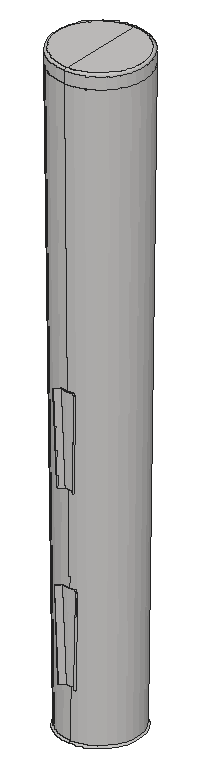
Revit family "QF_Vollrath_SLC-2", category Specialty Equipment, Revit 2016
Family settings
  Part Type = Normal
  Round Connector Dimension = Use Diameter
  OmniClass Number = 23.40.40.00
  OmniClass Title = Food Service Equipment and Furnishings
  Work Plane-Based = Yes
  Always vertical = Yes
  Cut with Voids When Loaded = No
  Shared = No
  Room Calculation Point = No
Parameters
  Width = 3 3/4"
  Weight in Pounds = 0
  Watermarked By = ""
  URL Cutsheet = ""
  Specification by User [instance] = ""
  Specification by Manufacturer [instance] = ""
  Serial Number [instance] = ""
  Revision Code [instance] = ""
  NAFEM Spec ID Number [instance] = ""
  Model = "SLC-2"
  Masterspec [instance] = ""
  Manufacturer = "Vollrath"
  Item Number [instance] = "-"
  Installed By [instance] = ""
  Height = 25 3/4"
  Furnished By [instance] = ""
  Foodservice Equipment Identifier = yes
  Description = "Cup Dispenser"
  Depth = 3 3/4"
  Default Elevation = 48"
  CSI MasterFormat = ""
Reference planes (in)
  plane 1 "BACK": y = 0
  plane 2 "BOTTOM": z = 0
  plane 3 "LEFT": x = -16.56573
  plane 4 "RIGHT": x = -12.81573
  plane 5 "FRONT": y = -3.75
  plane 6 "TOP": z = 25.75
  plane 7: z = 25.16
  plane 8 "CNTR LR": x = -14.69073
  plane 9 "CNTR FB": y = -1.875
  plane 10 "Bottom Screw 1": z = 2.19
  plane 11 "Bottom of Screw 2": z = 5.94
  plane 12 "Top Screw 1": z = 9.69
  plane 13 "Top Screw 2": z = 12.875
Forms (in)
  Revolve 1, solid, material "QF_Stainless-Polished"
    sketch origin (-14.69073, 0, 0) x (0, 1, 0) y (0, 0, 1)
      loop
        line (-0.1, 25.75) -> (-1.875, 25.75) -> (-1.875, 25.16) -> (0, 25.16) -> (0, 25.65)
        arc (0, 25.65) -> (-0.02929, 25.72071) -> (-0.1, 25.75) r 0.1
      axis (-1.875, 25.16) -> (-1.875, 25.75)
    angle from 0 to 360
  Blend 2, solid, material "QF_Stainless-Polished"
    base sketch origin (0, 0, 9.69) x (0, 1, 0) y (-1, 0, 0)
      loop
        arc (-3.57724, 14.85245) -> (-3.58511, 14.69073) -> (-3.57724, 14.529) r 1.66662
        line (-3.57724, 14.529) -> (-3.74289, 14.36334)
        arc (-3.74289, 14.36334) -> (-3.73907, 14.34268) -> (-3.735, 14.32206) r 1.85355
        line (-3.735, 14.32206) -> (-3.54523, 14.51858)
        arc (-3.54523, 14.51858) -> (-3.55431, 14.69073) -> (-3.54523, 14.86287) r 1.63583
        line (-3.54523, 14.86287) -> (-3.735, 15.05939)
        arc (-3.735, 15.05939) -> (-3.73907, 15.03877) -> (-3.74289, 15.01811) r 1.85355
        line (-3.74289, 15.01811) -> (-3.57724, 14.85245)
    top sketch origin (0, 0, 9.69) x (0, 1, 0) y (-1, 0, 0)
      loop
        line (-3.80371, 15.1165) -> (-3.64546, 14.95825)
        arc (-3.64546, 14.95825) -> (-3.66727, 14.69073) -> (-3.64546, 14.4232) r 1.65169
        line (-3.64546, 14.4232) -> (-3.80371, 14.26495)
        arc (-3.80371, 14.26495) -> (-3.79892, 14.2453) -> (-3.7939, 14.22569) r 1.83812
        line (-3.7939, 14.22569) -> (-3.61239, 14.41384)
        arc (-3.61239, 14.41384) -> (-3.63622, 14.69073) -> (-3.61239, 14.96761) r 1.62063
        line (-3.61239, 14.96761) -> (-3.7939, 15.15576)
        arc (-3.7939, 15.15576) -> (-3.79892, 15.13615) -> (-3.80371, 15.1165) r 1.83812
    from 0 to 3.75
  Revolve 3, solid, material "QF_Stainless-Polished"
    sketch origin (-14.69073, 0, 0) x (0, 1, 0) y (0, 0, 1)
      loop
        line (-0.31735, 0) -> (-0.23249, 0)
        arc (-0.23249, 0) -> (-0.28229, 0.0208) -> (-0.30249, 0.07084) r 0.07
        line (-0.30249, 0.07084) -> (0, 25.16) -> (-0.04, 25.16) -> (-0.3425, 0.07027)
        arc (-0.3425, 0.07027) -> (-0.33607, 0.03294) -> (-0.31735, 0) r 0.11
      axis (-1.875, 0) -> (-1.875, 25.16)
    angle from 0 to 360
  Blend 4, solid, material "QF_Stainless-Polished"
    base sketch origin (0, 0.07267, 2.19) x (0, 1, 0) y (-1, 0, 0)
      loop
        arc (-3.57724, 14.85245) -> (-3.58511, 14.69073) -> (-3.57724, 14.529) r 1.66662
        line (-3.57724, 14.529) -> (-3.74289, 14.36334)
        arc (-3.74289, 14.36334) -> (-3.73907, 14.34268) -> (-3.735, 14.32206) r 1.85355
        line (-3.735, 14.32206) -> (-3.54523, 14.51858)
        arc (-3.54523, 14.51858) -> (-3.55431, 14.69073) -> (-3.54523, 14.86287) r 1.63583
        line (-3.54523, 14.86287) -> (-3.735, 15.05939)
        arc (-3.735, 15.05939) -> (-3.73907, 15.03877) -> (-3.74289, 15.01811) r 1.85355
        line (-3.74289, 15.01811) -> (-3.57724, 14.85245)
    top sketch origin (0, 0.07267, 2.19) x (0, 1, 0) y (-1, 0, 0)
      loop
        line (-3.80371, 15.1165) -> (-3.64546, 14.95825)
        arc (-3.64546, 14.95825) -> (-3.66727, 14.69073) -> (-3.64546, 14.4232) r 1.65169
        line (-3.64546, 14.4232) -> (-3.80371, 14.26495)
        arc (-3.80371, 14.26495) -> (-3.79892, 14.2453) -> (-3.7939, 14.22569) r 1.83812
        line (-3.7939, 14.22569) -> (-3.61239, 14.41384)
        arc (-3.61239, 14.41384) -> (-3.63622, 14.69073) -> (-3.61239, 14.96761) r 1.62063
        line (-3.61239, 14.96761) -> (-3.7939, 15.15576)
        arc (-3.7939, 15.15576) -> (-3.79892, 15.13615) -> (-3.80371, 15.1165) r 1.83812
    from 0 to 3.75
Lines and regions (in)
  symbolic lines
    curve 1: circle (-14.69073, -1.875, 9.69) r 1.875 normal (0, 0, 1)
  symbolic lines, style "QF_Details_Surface"
    curve 2: line (-14.96761, -3.61239, 9.69) -> (-15.13967, -3.7939, 9.69)
    curve 3: arc (-14.41384, -3.61239, 9.69) -> (-14.69073, -3.63622, 9.69) -> (-14.96761, -3.61239, 9.69) r 1.62063
    curve 4: line (-14.23233, -3.7939, 9.69) -> (-14.41384, -3.61239, 9.69)
    curve 5: line (-14.4232, -3.64546, 9.69) -> (-14.26495, -3.80371, 9.69)
    curve 6: arc (-14.95825, -3.64546, 9.69) -> (-14.69073, -3.66727, 9.69) -> (-14.4232, -3.64546, 9.69) r 1.65169
    curve 7: line (-15.1165, -3.80371, 9.69) -> (-14.95825, -3.64546, 9.69)
    curve 8: arc (-15.13967, -3.7939, 9.69) -> (-15.1281, -3.79885, 9.69) -> (-15.1165, -3.80371, 9.69) r 1.93638
    curve 9: arc (-14.26495, -3.80371, 9.69) -> (-14.24862, -3.79888, 9.69) -> (-14.23233, -3.7939, 9.69) r 1.86212
Dimensions and locks (in)
  "Width": plane 3 "LEFT" to plane 4 "RIGHT"
  "Depth": plane 5 "FRONT" to plane 1 "BACK"
  "Height": plane 6 "TOP" to plane 2 "BOTTOM"
  locked: plane 6 "TOP" to plane 7 at 0.59
  equal spacing: plane 3 "LEFT", plane 8 "CNTR LR", plane 4 "RIGHT"
  equal spacing: plane 5 "FRONT", plane 9 "CNTR FB", plane 1 "BACK"
  locked: plane 11 "Bottom of Screw 2" to plane 10 "Bottom Screw 1" at 3.75
  locked: plane 12 "Top Screw 1" to plane 11 "Bottom of Screw 2" at 3.75
  equal spacing: plane 6 "TOP", plane 13 "Top Screw 2", plane 2 "BOTTOM"
  plane 10 "Bottom Screw 1" to plane 2 "BOTTOM" = 2.19"
  aligned and locked: level to plane 2 "BOTTOM"
  aligned and locked: Revolve 1 sketch curve to Revolve 1 sketch curve
  aligned and locked: plane 7 to Revolve 1 sketch curve
  aligned and locked: Revolve 1 sketch curve to plane 9 "CNTR FB"
  aligned and locked: Revolve 1 sketch curve to plane 6 "TOP"
  aligned and locked: plane 1 "BACK" to Revolve 1 sketch curve
Automatic sketch dimensions
  Revolve 1 sketch curve to plane 7 = 0"
  Revolve 1 sketch curve to plane 6 "TOP" = 0"
  Revolve 1 sketch curve to Revolve 1 sketch curve = 0.1"
  Blend 2 sketch curve to Blend 2 sketch curve = 0"  (x24)
  Blend 2 sketch curve to plane 8 "CNTR LR" = 0"  (x2)
  Blend 2 sketch curve to plane 5 "FRONT" = 0.00711"  (x2)
  Blend 2 sketch curve to plane 5 "FRONT" = 0.015"  (x2)
  Blend 2 sketch curve to plane 5 "FRONT" = 0.17276"
  plane 8 "CNTR LR" to Blend 2 sketch curve = 0.16173"
  Blend 2 sketch curve to Blend 2 sketch curve = 0.16565"  (x3)
  Blend 2 sketch curve to Blend 2 sketch curve = 0.03201"  (x2)
  plane 8 "CNTR LR" to Blend 2 sketch curve = 0.17214"
  plane 9 "CNTR FB" to Blend 2 sketch curve = 0.04348"
  plane 5 "FRONT" to Blend 2 sketch curve = 0.05371"  (x2)
  Blend 2 sketch curve to Blend 2 sketch curve = 0.00981"  (x2)
  Blend 2 sketch curve to plane 5 "FRONT" = 0.10454"  (x2)
  Blend 2 sketch curve to Blend 2 sketch curve = 0.03307"  (x2)
  plane 9 "CNTR FB" to Blend 2 sketch curve = 0.14058"
  plane 8 "CNTR LR" to Blend 2 sketch curve = 0.26752"
  Blend 2 sketch curve to Blend 2 sketch curve = 0.00936"
  Blend 2 sketch curve to Blend 2 sketch curve = 0.15825"  (x2)
  Revolve 3 sketch curve to plane 7 = 0"  (x2)
  Revolve 3 sketch curve to plane 9 "CNTR FB" = 0"
  Revolve 3 sketch curve to level = 0"  (x2)
  Revolve 3 sketch curve to plane 1 "BACK" = 0"
  level to Revolve 3 sketch curve = 0.07027"
  plane 1 "BACK" to Revolve 3 sketch curve = 0.3425"
  Revolve 3 sketch curve to Revolve 3 sketch curve = 0.02515"
  level to Revolve 3 sketch curve = 0.07084"
  Revolve 3 sketch curve to Revolve 3 sketch curve = 0.04001"
  Revolve 3 sketch curve to Revolve 3 sketch curve = 0.06999"
  Revolve 3 sketch curve to Revolve 3 sketch curve = 0"
  Revolve 3 sketch curve to Revolve 3 sketch curve = 0.04"
  Blend 4 sketch curve to Blend 4 sketch curve = 0"  (x24)
  Blend 4 sketch curve to plane 8 "CNTR LR" = 0"  (x2)
  Blend 4 sketch curve to plane 5 "FRONT" = 0.07978"  (x2)
  Blend 4 sketch curve to plane 5 "FRONT" = 0.08767"  (x2)
  Blend 4 sketch curve to plane 5 "FRONT" = 0.24543"
  plane 8 "CNTR LR" to Blend 4 sketch curve = 0.16173"
  Blend 4 sketch curve to Blend 4 sketch curve = 0.16565"  (x3)
  Blend 4 sketch curve to Blend 4 sketch curve = 0.03201"  (x2)
  plane 8 "CNTR LR" to Blend 4 sketch curve = 0.17214"
  Blend 4 sketch curve to plane 9 "CNTR FB" = 0.02919"
  Blend 4 sketch curve to plane 5 "FRONT" = 0.01896"  (x2)
  Blend 4 sketch curve to Blend 4 sketch curve = 0.00981"  (x2)
  Blend 4 sketch curve to plane 5 "FRONT" = 0.17721"  (x2)
  Blend 4 sketch curve to Blend 4 sketch curve = 0.03307"  (x2)
  plane 9 "CNTR FB" to Blend 4 sketch curve = 0.06791"
  plane 8 "CNTR LR" to Blend 4 sketch curve = 0.26752"
  Blend 4 sketch curve to Blend 4 sketch curve = 0.00936"
  Blend 4 sketch curve to Blend 4 sketch curve = 0.15825"  (x2)
  curve 3 to curve 6 = 0"  (x2)
  curve 3 to plane 8 "CNTR LR" = 0"
  curve 1 to plane 8 "CNTR LR" = 0"
  plane 9 "CNTR FB" to curve 1 = 0"
  plane 9 "CNTR FB" to curve 8 = 0.14058"
  curve 6 to curve 1 = 0.14058"
  curve 9 to curve 3 = 0"
  curve 2 to plane 5 "FRONT" = 0.13761"
  curve 4 to plane 5 "FRONT" = 0.13761"
  curve 7 to curve 3 = 0.03307"
  curve 5 to curve 4 = 0.03307"
  plane 5 "FRONT" to curve 2 = 0.0439"
  plane 5 "FRONT" to curve 4 = 0.0439"
  curve 7 to curve 2 = 0.00981"
  curve 5 to curve 9 = 0.00981"
  plane 8 "CNTR LR" to curve 5 = 0.26752"
  curve 4 to curve 6 = 0.00936"
  plane 8 "CNTR LR" to curve 8 = 0.3173"
  curve 5 to curve 6 = 0.15825"
  curve 4 to curve 9 = 0.03262"
  curve 7 to curve 7 = 0.15825"
  radius of curve 1 = 1 7/8"
